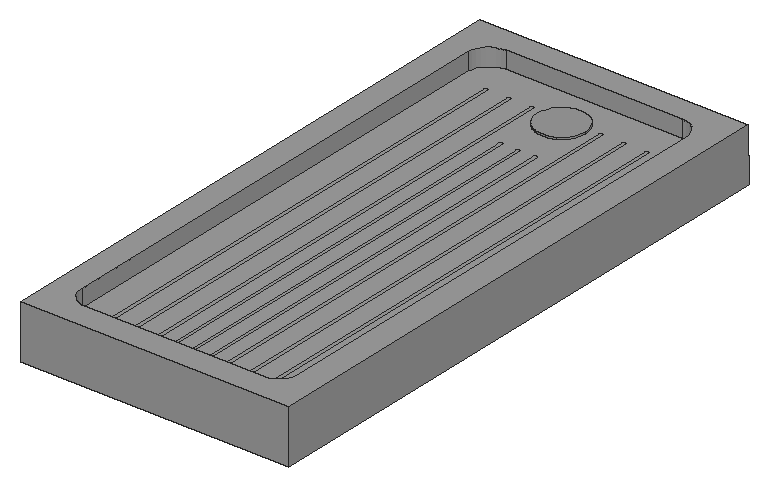
Revit family "RECEPTACULO ZEN 1500x700", category Plumbing Fixtures, Revit 2019
Family settings
  Round Connector Dimension = Use Diameter
  Part Type = Normal
  OmniClass Number = 23.45.00.00
  OmniClass Title = Sanitary, Laundry, and Cleaning Equipment
  Work Plane-Based = No
  Always vertical = Yes
  Cut with Voids When Loaded = No
  Shared = No
  Room Calculation Point = No
Reference planes
  plane 1 "Center (Front/Back)": y = 0
  plane 2: z = 0
  plane 3 "Center (Left/Right)": x = 0
Forms (mm)
  Extrusion 1, solid
    sketch origin (0, 0, 0) x (1, 0, 0) y (0, 1, 0)
      loop
        line (-0.437, -442.5) -> (699.563, -442.5) -> (699.563, 1057.5) -> (-0.437, 1057.5) -> (-0.437, -442.5)
    from 0 to 140
  Extrusion 2, void
    sketch origin (0, 0, 0) x (1, 0, 0) y (0, 1, 0)
      loop
        line (577.389, 992.5) -> (118.069, 992.5)
        arc (118.069, 992.5) -> (79.178, 976.391) -> (63.069, 937.5) r 55
        line (63.069, 937.5) -> (63.069, -322.5)
        arc (63.069, -322.5) -> (79.178, -361.391) -> (118.069, -377.5) r 55
        line (118.069, -377.5) -> (577.389, -377.5)
        arc (577.389, -377.5) -> (616.279, -361.391) -> (632.389, -322.5) r 55
        line (632.389, -322.5) -> (632.389, 937.5)
        arc (632.389, 937.5) -> (616.279, 976.391) -> (577.389, 992.5) r 55
    from 95 to 140
  Extrusion 3, solid
    sketch origin (0, 360, 0) x (1, 0, 0) y (0, 1, 0)
      loop
        circle (350, 525) r 62.5
    from 95 to 98.923
  Extrusion 4, solid
    sketch origin (-0.083, 0, -15.528) x (1, 0, 0) y (0, 0, 1)
      loop
        line (135.456, 110.528) -> (142.789, 110.528)
        arc (142.789, 110.528) -> (139.122, 112.128) -> (135.456, 110.528) r 5
      loop
        line (195.456, 110.528) -> (202.789, 110.528)
        arc (202.789, 110.528) -> (199.122, 112.128) -> (195.456, 110.528) r 5
      loop
        line (255.456, 110.528) -> (262.789, 110.528)
        arc (262.789, 110.528) -> (259.122, 112.128) -> (255.456, 110.528) r 5
      loop
        line (435.456, 110.528) -> (442.789, 110.528)
        arc (442.789, 110.528) -> (439.122, 112.128) -> (435.456, 110.528) r 5
      loop
        line (495.456, 110.528) -> (502.789, 110.528)
        arc (502.789, 110.528) -> (499.122, 112.128) -> (495.456, 110.528) r 5
      loop
        line (555.456, 110.528) -> (562.789, 110.528)
        arc (562.789, 110.528) -> (559.122, 112.128) -> (555.456, 110.528) r 5
    from -902.361 to 346.988
  Extrusion 5, solid
    sketch origin (-0.426, 0, -15.528) x (1, 0, 0) y (0, 0, 1)
      loop
        line (345.456, 110.528) -> (352.789, 110.528)
        arc (352.789, 110.528) -> (349.122, 112.128) -> (345.456, 110.528) r 5
      loop
        line (300.456, 110.528) -> (307.789, 110.528)
        arc (307.789, 110.528) -> (304.122, 112.128) -> (300.456, 110.528) r 5
      loop
        line (390.456, 110.528) -> (397.789, 110.528)
        arc (397.789, 110.528) -> (394.122, 112.128) -> (390.456, 110.528) r 5
    from -745.606 to 346.988
Cuts and joins
  Extrusion 2 cuts Extrusion 1
Dimensions and locks
  aligned and locked: level to plane 2
